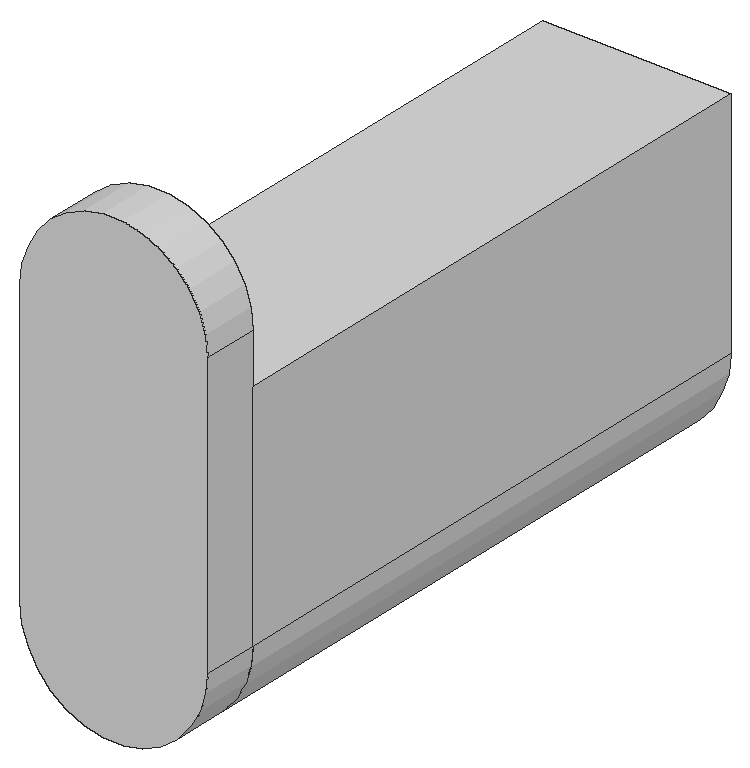
Revit family "Reece_Accessory_Mizu_Soothe_Robe Hook", category Plumbing Fixtures, host Face, Revit 2018
Family settings
  Host = Face
  Round Connector Dimension = Use Diameter
  Part Type = Normal
  Cut with Voids When Loaded = Yes
  Shared = Yes
  Room Calculation Point = Yes
Parameters
  URL = "https://www.reece.com.au/product/-9504038"
  Type Comments = "Accessory\r\n"
  Reece_Product_Web Page = "https://www.reece.com.au/product/-9504038"
  Reece_Product_Type = "Accessory\r\n"  # constant formula
  Reece_Product_Sub Brand = "Soothe\r\n"  # constant formula
  Reece_Product_Number = "9504038"
  Reece_Product_Mount = "Wall Mounted"
  Reece_Product_Description = "Mizu Soothe Robe Hook Chrome"
  Reece_Product_Brand = "Mizu\r\n"  # constant formula
  Reece_Overall_Projection = 70 mm  # constant formula
  Reece_Overall_Height = 50 mm  # constant formula
  Reece_Material_Main = Reece_Brass_Chrome
  Reece_Height_From_Level = 700 mm
  Reece_Detail_Shape = ""
  Reece_Detail_Installation = ""
  Reece_Detail_Disclaimer = "THIS FILE IS THE PROPERTY OF THE REECE GROUP. IT MAY NOT BE REPRODUCED, REVERSE-ENGINEERED OR MODIFIED. ANY REPUBLICATION, TRANSMISSION OR DISTRIBUTION FOR THE PURPOSE OF COMMERCIALLY EXPLOITING THE FILES IS PROHIBITED."  # constant formula
  Reece_Detail_Connector = ""  # constant formula
  Reece_Detail_Additional = "Robe Hook\r\n"  # constant formula
  Model = "Soothe\r\n"
  Manufacturer = "Mizu\r\n"
  Keynote = "Product #9504038, Reece_Accessory_Mizu_Soothe_Robe Hook -  "
  Disclaimer = "THIS FILE IS THE PROPERTY OF THE REECE GROUP. IT MAY NOT BE REPRODUCED, REVERSE-ENGINEERED OR MODIFIED. ANY REPUBLICATION, TRANSMISSION OR DISTRIBUTION FOR THE PURPOSE OF COMMERCIALLY EXPLOITING THE FILES IS PROHIBITED."  # constant formula
  Description = "Mizu Soothe Robe Hook Chrome"
  Default Elevation = 0 mm
Types (3, lengths in mm): name | URL | Reece_Product_Web Page | Reece_Product_Number | Reece_Product_Description | Reece_Material_Main | Keynote | Description
  (no name) | "https://www.reece.com.au/product/-9504038" | "https://www.reece.com.au/product/-9504038" | "9504038" | "Mizu Soothe Robe Hook Chrome" | Reece_Brass_Chrome | "Product #9504038, Reece_Accessory_Mizu_Soothe_Robe Hook -  " | "Mizu Soothe Robe Hook Chrome"
  Chrome | "https://www.reece.com.au/product/-9504038" | "https://www.reece.com.au/product/-9504038" | "9504038" | "Mizu Soothe Robe Hook Chrome" | Reece_Brass_Chrome | "Product #9504038, Reece_Accessory_Mizu_Soothe_Robe Hook - Chrome" | "Mizu Soothe Robe Hook Chrome"
  Matte Black | "https://www.reece.com.au/product/-2268104" | "https://www.reece.com.au/product/-2268104" | "2268104" | "Mizu Soothe Robe Hook Matte Black" | Reece_Brass_Matte Black | "Product #2268104, Reece_Accessory_Mizu_Soothe_Robe Hook - Matte Black" | "Mizu Soothe Robe Hook Matte Black"
Reference planes
  plane 1 "Center (Front/Back)": y = 0
  plane 2 "Bottom Host Plane": z = -5
  plane 3 "Center (Left/Right)": x = 0
  plane 4: x = -10
  plane 5: x = 10
  plane 6 "Height From Floor": z = 700
  plane 7: z = 725.369
  plane 8: z = 675.369
  plane 9: z = 709.974
  plane 10: y = -70
Forms (mm)
  Extrusion 1, solid, material "Reece_Brass_Chrome" <- "Reece_Material_Main"
    sketch origin (0, -63.987, 700) x (0, 0, 1) y (-1, 0, 0)
      loop
        line (15.325, 10.003) -> (-14.992, 10.003)
        arc (-14.992, 10.003) -> (-25.024, -0.029) -> (-14.992, -10.061) r 10.032
        line (-14.992, -10.061) -> (15.325, -10.061)
        arc (15.325, -10.061) -> (25.357, -0.029) -> (15.325, 10.003) r 10.032
    from 0 to 6.013
  Sweep 2, solid, material "Reece_Brass_Chrome" <- "Reece_Material_Main"
    path origin (0, 0, 700) x (1, 0, 0) y (0, 1, 0)
      loop
        line (0, 0) -> (0, -63.987)
    profile origin (0, -31.993, 700) x (1, 0, 0) y (0, 0, 1)
      loop
        arc (-10.003, -14.992) -> (0.029, -25.024) -> (10.061, -14.992) r 10.032
        line (10.061, -14.992) -> (10.061, 9.974) -> (-10.003, 9.974) -> (-10.003, -14.992)
Lines and regions (mm)
  model lines, style "InvisibleLines"
    curve 1: line (0, 0, 700) -> (0, 0, 0)
Text (mm)
  text "Reece ©" at (2638.2, -2459.45, 2919.162), in view "Reece Preview"
  text "Reece Copyright © 2018, Reece Ltd." at (50.678, -94.425, 0), in view "Ref. Level"
Dimensions and locks
  locked: plane 2 "Bottom Host Plane" to level at 5
  plane 10 to plane 1 "Center (Front/Back)" = 70 mm
  "Reece_Height_From_Level": plane 6 "Height From Floor" to level
  "Reece_Overall_Height": plane 7 to plane 8
  plane 4 to plane 5 = 20 mm  (x2)
  "Reece_Overall_Projection": plane 1 "Center (Front/Back)" to plane 10
  plane 5 to plane 4 = 20 mm
  plane 6 "Height From Floor" to level = 700 mm  (x2)
  aligned and locked: Sweep 2 sketch curve to plane 3 "Center (Left/Right)"
  aligned and locked: plane 6 "Height From Floor" to curve 1
  aligned and locked: level to curve 1
  aligned and locked: curve 1 to plane 3 "Center (Left/Right)"
Automatic sketch dimensions
  plane 1 "Center (Front/Back)" to Sweep 2 sketch curve = 0 mm
  Sweep 2 sketch curve to plane 10 = 6.013 mm
  profile plane to Sweep 2 sketch curve = 10.003 mm
  Sweep 2 sketch curve to profile plane = 0.029 mm
  Sweep 2 sketch curve to plane 6 "Height From Floor" = 14.992 mm
  plane 6 "Height From Floor" to Sweep 2 sketch curve = 9.974 mm
  Sweep 2 to Extrusion 1 sketch curve = 0 mm  (x2)
  Extrusion 1 sketch curve to Sweep 2 = 24.966 mm
  Sweep 2 to Extrusion 1 sketch curve = 5.351 mm
